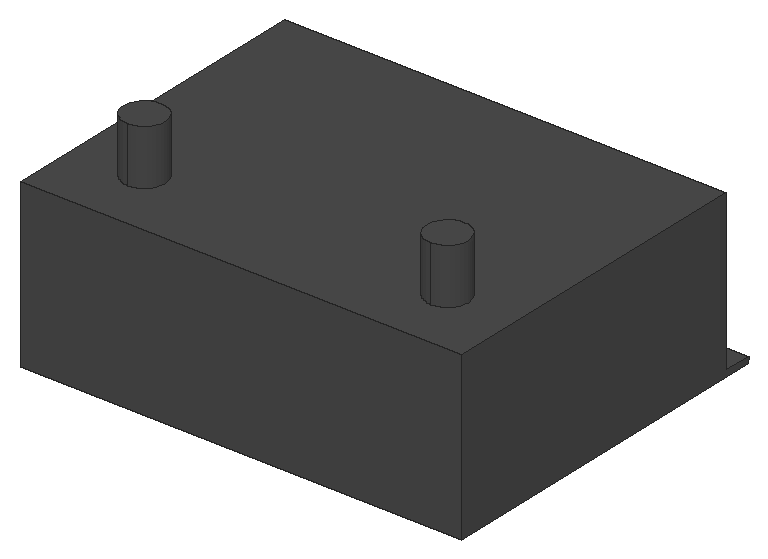
Revit family "BirdControl_Charger_BirdBGone_Direct", category Specialty Equipment, Revit 2019
Family settings
  Round Connector Dimension = Use Diameter
  Part Type = Normal
  OmniClass Number = 23.40.10.14.14.99
  OmniClass Title = Other Manufactured Exterior Specialties
  Work Plane-Based = Yes
  Always vertical = No
  Cut with Voids When Loaded = No
  Shared = No
  Room Calculation Point = No
Parameters (values of type "AC750")
  offset [instance] = 0' - 0"
  Warranty Duration (Years) = 0
  Unit Width = 0' - 8"
  Unit Height = 0' - 6"
  Unit Depth = 0' - 3"
  URL = "http://www.birdbgone.com/"
  Test Data = "http://www.birdbgone.com/bird-control-product-msds"
  Specification = "http://www.arcat.com/sdspecs/htm/10290bir.htm"
  SpecWizard = ""
  Send Message = "http://www.arcat.com/users.pl?action=UserEmail&company=Bird-B-Gone,%20Inc.&coid=38371&rep=147&fax=949-472-3116&mf="
  Sales Information = "http://www.birdbgone.com/bird-control-store/"
  Revision = "R1_10-2010"
  Product Properties = "http://www.arcat.com/bim/bim_info.pl?fn=BirdBGone"
  Product Data = "http://www.arcat.com/arcatcos/cos38/arc38371.html"
  Model = "As Specified in 10 81 19"
  Material [instance] = Metal - Bird B Gone - Black
  Manufacturer Website = "http://www.birdbgone.com/"
  Manufacturer Phone - Toll Free = "800-392-6915"
  Manufacturer Phone = "949-472-3122"
  Manufacturer Fax = "949-472-3116"
  Manufacturer Address = "23918 Skyline, Mission Viejo, CA 92692"
  Manufacturer = "Bird-B-Gone, Inc."
  Maintenance Schedule (Months) = 0
  Keynote = "10 81 19"
  Installation-Fabrication = "http://www.birdbgone.com/installation-instructions"
  Installation Phase = ""
  Green Building-LEED = "http://www.arcat.com/green/clients/leed_data_38371.html"
  Expected Lifespan (Years) = 0
  Drawn By = "Robert S. Weygant, CSI, CDT, SCIP"
  Description = "Bird Control Equipment as Specified in 10 81 19"
  Default Elevation = 4' - 0"
  Copyright = "wt"
  Construction Details = "http://www.arcat.com/details/birdbgon/birdbgon.html?coid=38371"
  Building Codes = "http://www.birdbgone.com/knowledge-center/"
  Assembly Code = "E1090900"
Reference planes (in)
  plane 1 "Center (Front/Back)": y = 0
  plane 2 "Bottom": z = 0
  plane 3 "Center (Left/Right)": x = 0
  plane 4 "Top": z = 3
  plane 5: x = -4
  plane 6: x = 4
  plane 7: y = 3
  plane 8: y = -3
Forms (in)
  Extrusion 1, solid, material "Metal - Bird B Gone - Black" <- "Material", detail levels medium+fine
    sketch origin (0, 0, 0) x (0, 1, 0) y (0, 0, 1)
      loop
        line (3, 0.125) -> (3, 3) -> (-3, 3) -> (-3, 0) -> (3.5, 0) -> (3.5, 0.125) -> (3, 0.125)
    from -4 to 4
  Extrusion 2, solid, material "Metal - Bird B Gone - Black" <- "Material", detail levels medium+fine
    sketch origin (-1.25, 1.25, 3) x (0, -1, 0) y (1, 0, 0)
      loop
        circle (3, 4) r 0.375
    from 0 to 1
  Extrusion 3, solid, material "Metal - Bird B Gone - Black" <- "Material", detail levels medium+fine
    sketch origin (1.25, 1.25, 3) x (0, -1, 0) y (1, 0, 0)
      loop
        circle (3, -4) r 0.375
    from 0 to 1
  Extrusion 4, solid, material "Metal - Bird B Gone - Black" <- "Material", detail levels medium+fine
    sketch origin (0.84233, 3, 0.62228) x (0, 0, 1) y (1, 0, 0)
      loop
        circle (0.00272, -4) r 0.25
    from 0 to 0.5
  Extrusion 5, solid, material "Metal - Bird B Gone - Black" <- "Material", detail levels medium+fine
    sketch origin (1.59233, 3, 0.62228) x (0, 0, 1) y (1, 0, 0)
      loop
        circle (0.00272, -4) r 0.25
    from 0 to 0.5
Cuts and joins
  joined: Extrusion 1, Extrusion 2, Extrusion 3, Extrusion 4, Extrusion 5
Lines and regions (in)
  model lines, style "Bird Control", detail levels fine
    curve 1: circle (0, -1.75, 3) r 0.25 normal (0, 0, 1)
Dimensions and locks (in)
  "Unit Depth": plane 4 "Top" to level
  equal spacing: plane 5, plane 3 "Center (Left/Right)", plane 6
  "Unit Width": plane 5 to plane 6
  equal spacing: plane 7, plane 1 "Center (Front/Back)", plane 8
  "Unit Height": plane 7 to plane 8
  aligned and locked: Extrusion 1 to plane 5
  aligned and locked: Extrusion 1 to plane 6
Automatic sketch dimensions
  Extrusion 1 sketch curve to level = 0' - 0"
  Extrusion 1 sketch curve to plane 8 = 0' - 0"
  Extrusion 1 sketch curve to plane 4 "Top" = 0' - 0"
  Extrusion 1 sketch curve to plane 7 = 0' - 0"
  level to Extrusion 1 sketch curve = 0' - 0 1/8"
  Extrusion 1 sketch curve to Extrusion 1 sketch curve = 0' - 0 1/2"
  Extrusion 2 sketch curve to Extrusion 1 = 0' - 1 1/4"
  Extrusion 1 to Extrusion 2 sketch curve = 0' - 1 1/4"
  Extrusion 3 sketch curve to Extrusion 1 = 0' - 1 1/4"
  Extrusion 1 to Extrusion 3 sketch curve = 0' - 1 1/4"
  curve 1 to Extrusion 1 = 0' - 1 1/4"
  Extrusion 1 to curve 1 = 0' - 4"
  Extrusion 1 to Extrusion 4 sketch curve = 0' - 0 1/2"
  Extrusion 1 to Extrusion 4 sketch curve = 0' - 0.84233"
  Extrusion 1 to Extrusion 5 sketch curve = 0' - 0 1/2"
  Extrusion 1 to Extrusion 5 sketch curve = 0' - 1.59233"
  radius of Extrusion 2 sketch curve = 0' - 0 3/8"
  radius of Extrusion 3 sketch curve = 0' - 0 3/8"
  radius of curve 1 = 0' - 0 1/4"
  radius of Extrusion 4 sketch curve = 0' - 0 1/4"
  radius of Extrusion 5 sketch curve = 0' - 0 1/4"
